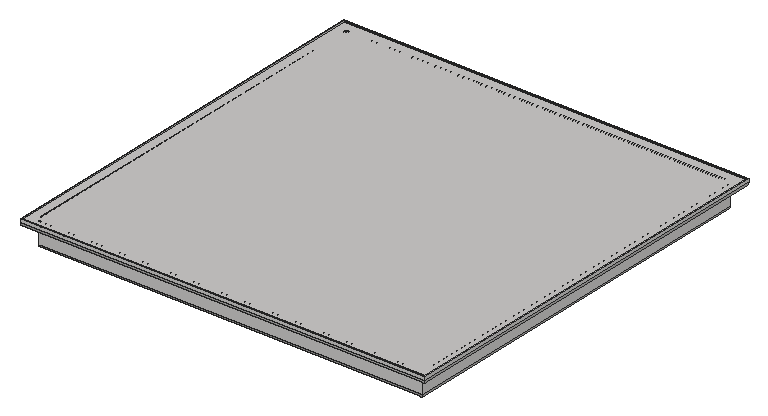
Revit family "NLRS_33_GM_FB_TC_STORAX_vloerluik_RV_BCB", category Generic Models, host Face, Revit 2014
Parameters (values of type "RV 88")
  vullen_met_beton = "ja"  # constant formula
  vergrendeling = "nee"  # constant formula
  uitwendige_lengte = 905 mm
  uitwendige_breedte = 905 mm
  sluiting = "4"  # constant formula
  scharnierend = "nee"  # constant formula
  rubberen_afdichting = "enkel"  # constant formula
  productgroep = "Vloerluiken"  # constant formula
  materiaal = bcb_staal
  inbouwhoogte [instance] = 75 mm
  geïsoleerd = "nee"  # constant formula
  gewicht = "45"
  gasdrukveer = "nee"  # constant formula
  brandwerend 90 min = "nee"  # constant formula
  binnenmaat_lengte = uitwendige_lengte - 105 mm  # 800 mm
  binnenmaat_breedte = uitwendige_breedte - 105 mm  # 800 mm
  binnenluik = "tbv betonvulling"  # constant formula
  belasting = "15 kN"  # constant formula
  URL = "http://www.storax.nl/producten/Staal/191/Type-RV"
  Model = "BV"  # constant formula
  Manufacturer = "Storax"  # constant formula
  Default Elevation = 0 mm
Types (5, lengths in mm): name | uitwendige_lengte | uitwendige_breedte | gewicht | binnenmaat_lengte | binnenmaat_breedte
  (no name) | 905 | 905 | "45" | 800 | 800
  RV 64 | 505 | 705 | "22" | 400 | 600
  RV 66 | 705 | 705 | "29" | 600 | 600
  RV 86 | 705 | 905 | "37" | 600 | 800
  RV 88 | 905 | 905 | "45" | 800 | 800
Reference planes
  plane 1 "Center (Front/Back)": y = 0
  plane 2: z = 0
  plane 3 "Center (Left/Right)": x = 0
  plane 4: y = 452.5
  plane 5: y = -452.5
  plane 6: x = 452.5
  plane 7: x = -452.5
  plane 8: z = -75
  plane 9: x = -400
  plane 10: y = 400
  plane 11: y = -400
  plane 12: x = 400
  plane 13: x = -290.5
  plane 14: x = 290.5
  plane 15: y = -290.5
  plane 16: y = 290.5
  plane 17: x = -450.5
  plane 18: x = 450.5
  plane 19: y = 450.5
  plane 20: y = -450.5
Forms (mm)
  Sweep 1, solid, material "bcb_staal" <- "materiaal", detail levels medium+fine
    path origin (0, 0, 0) x (1, 0, 0) y (0, 1, 0)
      loop
        line (-452.5, 452.5) -> (-452.5, -452.5) -> (452.5, -452.5) -> (452.5, 452.5) -> (-452.5, 452.5)
    profile origin (-452.5, 0, 0) x (-1, 0, 0) y (0, 0, 1)
      loop
        line (-2.047, 0) -> (-2.047, -8.5)
        arc (-2.047, -8.5) -> (-5.504, -13.256) -> (-11.095, -11.435) r 5
        line (-11.095, -11.435) -> (-14.687, -6.482)
        arc (-14.687, -6.482) -> (-21.396, -4.292) -> (-25.547, -10) r 6
        line (-25.547, -10) -> (-25.547, -55.5)
        arc (-25.547, -55.5) -> (-26.28, -57.268) -> (-28.047, -58) r 2.5
        line (-28.047, -58) -> (-52.5, -58) -> (-52.5, -60) -> (-28.547, -60)
        arc (-28.547, -60) -> (-25.012, -58.536) -> (-23.547, -55) r 5
        line (-23.547, -55) -> (-23.547, -10)
        arc (-23.547, -10) -> (-20.781, -6.195) -> (-16.308, -7.654) r 4
        line (-16.308, -7.654) -> (-12.714, -12.609)
        arc (-12.714, -12.609) -> (-4.887, -15.158) -> (-0.047, -8.5) r 7
        line (-0.047, -8.5) -> (-0.047, 0) -> (-2.047, 0)
  Sweep 2, solid, material "bcb_staal" <- "materiaal", detail levels coarse
    path origin (0, 0, 0) x (1, 0, 0) y (0, 1, 0)
      loop
        line (-452.5, 452.5) -> (-452.5, -452.5) -> (452.5, -452.5) -> (452.5, 452.5) -> (-452.5, 452.5)
    profile origin (-452.5, 0, 0) x (-1, 0, 0) y (0, 0, 1)
      loop
        line (-0.047, 0) -> (-25.547, 0) -> (-25.547, -56) -> (-52.5, -56) -> (-52.5, -60) -> (-23.547, -60) -> (-23.547, -15.5) -> (-0.047, -15.5) -> (-0.047, 0)
  Extrusion 3, void
    sketch origin (0, 0, 0) x (1, 0, 0) y (0, 1, 0)
      loop
        line (-290.5, -290.5) -> (290.5, -290.5) -> (290.5, 290.5) -> (-290.5, 290.5) -> (-290.5, -290.5)
    from -500 to 10
  Sweep 4, void
    path origin (0, 0, 0) x (1, 0, 0) y (0, 1, 0)
      loop
        line (-452.5, 452.5) -> (-452.5, -452.5) -> (452.5, -452.5) -> (452.5, 452.5) -> (-452.5, 452.5)
    profile origin (-452.5, 0, 0) x (-1, 0, 0) y (0, 0, 1)
      loop
        line (-23.547, -60) -> (-23.547, -15.5) -> (0, -15.5) -> (0, 5) -> (-162, 5) -> (-162, -365) -> (-52.5, -365) -> (-52.5, -60) -> (-23.547, -60)
  Extrusion 5, solid, material "bcb_staal"
    sketch origin (0, 0, 0) x (1, 0, 0) y (0, 1, 0)
      loop
        line (-450.5, 450.5) -> (-450.5, -450.5) -> (450.5, -450.5) -> (450.5, 450.5) -> (-450.5, 450.5)
    from -4 to -1
Text (mm)
  text "Indien u deze familie geopend hebt vanuit het project via Edit Family: Niet Opslaan!\n\nOpen de familie via File - Open Family om de familie aan te passen.\n\n\n\nMocht u zelf aanpassingen willen aanbrengen in een type van de family, \n\npak dan het type maatwerk en neem contact op met Storax." at (-0.374, 589.999, 0), in view "Ref. Level"
Dimensions and locks
  equal spacing: plane 7, plane 3 "Center (Left/Right)", plane 6
  "uitwendige_breedte": plane 7 to plane 6
  equal spacing: plane 4, plane 1 "Center (Front/Back)", plane 5
  "uitwendige_lengte": plane 4 to plane 5
  locked: plane 4 to plane 10 at 52.5
  locked: plane 7 to plane 9 at 52.5
  locked: plane 12 to plane 6 at 52.5
  locked: plane 5 to plane 11 at 52.5
  locked: plane 9 to plane 13 at 109.5
  locked: plane 14 to plane 12 at 109.5
  locked: plane 15 to plane 11 at 109.5
  locked: plane 10 to plane 16 at 109.5
  locked: plane 18 to plane 6 at 2
  locked: plane 7 to plane 17 at 2
  locked: plane 4 to plane 19 at 2
  locked: plane 20 to plane 5 at 2
  aligned and locked: plane 2 to host face
  aligned and locked: level to host face
  aligned and locked: Sweep 1 sketch curve to plane 4
  aligned and locked: plane 7 to Sweep 1 sketch curve
  aligned and locked: plane 5 to Sweep 1 sketch curve
  aligned and locked: Sweep 1 sketch curve to plane 6
  aligned and locked: Extrusion 3 to plane 16
  aligned and locked: Extrusion 3 to plane 14
  aligned and locked: Extrusion 3 to plane 15
  aligned and locked: Extrusion 3 to plane 13
  aligned and locked: Sweep 4 sketch curve to plane 4
  aligned and locked: Sweep 4 sketch curve to plane 6
  aligned and locked: plane 5 to Sweep 4 sketch curve
  aligned and locked: plane 7 to Sweep 4 sketch curve
  aligned and locked: Extrusion 5 sketch curve to plane 19
  aligned and locked: plane 17 to Extrusion 5 sketch curve
  aligned and locked: plane 20 to Extrusion 5 sketch curve
  aligned and locked: Extrusion 5 sketch curve to plane 18
Automatic sketch dimensions
  host sketch curve to host sketch curve = 2000 mm  (x2)
  Extrusion 3 sketch curve to plane 11 = 109.5 mm
  Extrusion 3 sketch curve to plane 1 "Center (Front/Back)" = 290.5 mm
  Extrusion 3 sketch curve to plane 13 = 0 mm
  Extrusion 3 sketch curve to plane 14 = 0 mm
  Sweep 2 sketch curve to plane 5 = 0 mm
  Sweep 2 sketch curve to plane 7 = 0 mm
  Sweep 2 sketch curve to plane 6 = 0 mm
  Sweep 2 sketch curve to plane 4 = 0 mm
  Sweep 4 sketch curve to profile plane = 0 mm
  level to Sweep 4 sketch curve = 5 mm
  profile plane to Sweep 4 sketch curve = 23.547 mm
  Sweep 4 sketch curve to level = 15.5 mm
  Sweep 4 sketch curve to Sweep 4 sketch curve = 44.5 mm
  Sweep 4 sketch curve to Sweep 4 sketch curve = 305 mm
  Sweep 4 sketch curve to Sweep 4 sketch curve = 28.953 mm
  Sweep 4 sketch curve to Sweep 4 sketch curve = 109.5 mm
  Sweep 2 sketch curve to level = 0 mm
  profile plane to Sweep 2 sketch curve = 52.5 mm
  profile plane to Sweep 2 sketch curve = 25.547 mm
  Sweep 2 sketch curve to Sweep 2 sketch curve = 2 mm
  profile plane to Sweep 2 sketch curve = 0.047 mm
  Sweep 2 sketch curve to level = 15.5 mm
  Sweep 2 sketch curve to Sweep 2 sketch curve = 40.5 mm
  Sweep 2 sketch curve to Sweep 2 sketch curve = 4 mm
  Sweep 1 sketch curve to Sweep 1 sketch curve = 0 mm  (x4)
  Sweep 1 sketch curve to level = 0 mm
  profile plane to Sweep 1 sketch curve = 52.5 mm
  Sweep 1 sketch curve to Sweep 1 sketch curve = 23.953 mm
  Sweep 1 sketch curve to Sweep 1 sketch curve = 0.5 mm  (x2)
  Sweep 1 sketch curve to Sweep 1 sketch curve = 2.5 mm
  Sweep 1 sketch curve to Sweep 1 sketch curve = 2 mm
  Sweep 1 sketch curve to Sweep 1 sketch curve = 4 mm
  Sweep 1 sketch curve to level = 7.654 mm
  Sweep 1 sketch curve to Sweep 1 sketch curve = 3.24 mm
  Sweep 1 sketch curve to level = 6.482 mm
  Sweep 1 sketch curve to Sweep 1 sketch curve = 3.593 mm
  Sweep 1 sketch curve to Sweep 1 sketch curve = 1.619 mm
  Sweep 1 sketch curve to Sweep 1 sketch curve = 4.048 mm
  profile plane to Sweep 1 sketch curve = 2.047 mm
  profile plane to Sweep 1 sketch curve = 0.047 mm
  Sweep 1 sketch curve to Sweep 1 sketch curve = 4.953 mm
  Sweep 1 sketch curve to Sweep 1 sketch curve = 42.391 mm
